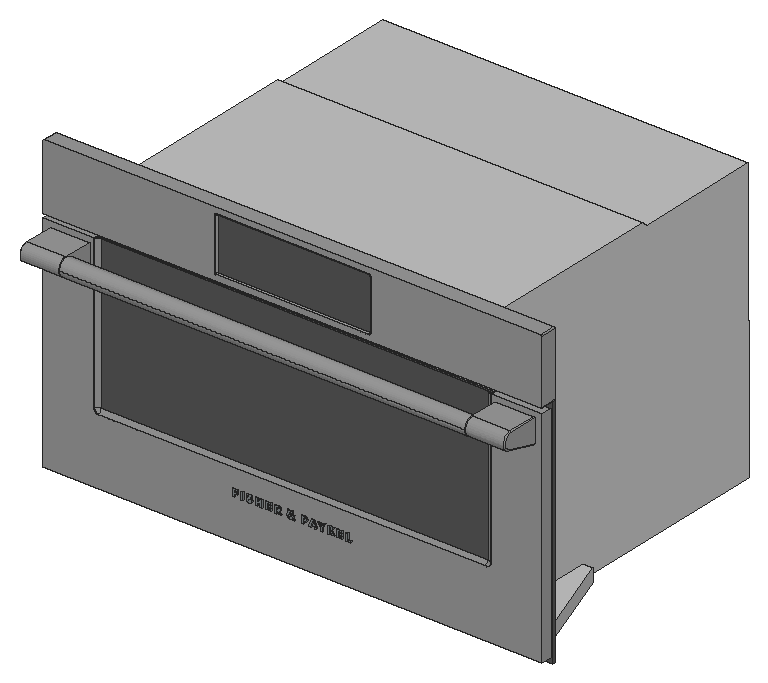
Revit family "FP-Revit20-en-OM30S_OS30S_CompactCombiSpeedOven-CompactCombiSteamOven-0-90005522A-US-CA", category Specialty Equipment, Revit 2020 (continued)
Definition of nested family "30in-76cm Fronts"
  Automatic sketch dimensions
    Extrusion 13 sketch curve to Extrusion 13 sketch curve = 0.522 mm
    Extrusion 13 sketch curve to Extrusion 13 sketch curve = 1.584 mm
    Extrusion 13 sketch curve to Extrusion 13 sketch curve = 3.502 mm
    Extrusion 13 sketch curve to Extrusion 13 sketch curve = 1.772 mm
    Extrusion 13 sketch curve to Extrusion 13 sketch curve = 0.51 mm
    Extrusion 13 sketch curve to Extrusion 13 sketch curve = 0.837 mm
    Extrusion 13 sketch curve to Extrusion 13 sketch curve = 0.737 mm
    Extrusion 13 sketch curve to Extrusion 13 sketch curve = 2.694 mm
    Extrusion 13 sketch curve to Extrusion 13 sketch curve = 1.673 mm
    Extrusion 13 sketch curve to Extrusion 13 sketch curve = 2.223 mm
    Extrusion 13 sketch curve to Extrusion 13 sketch curve = 1.535 mm
    Extrusion 13 sketch curve to Extrusion 13 sketch curve = 1.928 mm
    Extrusion 13 sketch curve to Extrusion 13 sketch curve = 1.987 mm
    Extrusion 13 sketch curve to Extrusion 13 sketch curve = 1.839 mm
    Extrusion 13 sketch curve to Extrusion 13 sketch curve = 1.86 mm
    Extrusion 13 sketch curve to Extrusion 13 sketch curve = 2.429 mm
    Extrusion 13 sketch curve to Extrusion 13 sketch curve = 2.715 mm
    plane 6 "Door - Bottom" to Extrusion 13 sketch curve = 46.09 mm
    plane 6 "Door - Bottom" to Extrusion 13 sketch curve = 46.199 mm
    Extrusion 13 sketch curve to Extrusion 13 sketch curve = 0.109 mm  (x4)
    Extrusion 13 sketch curve to Extrusion 13 sketch curve = 0.449 mm
    Extrusion 13 sketch curve to Extrusion 13 sketch curve = 0.023 mm
    Extrusion 13 sketch curve to Extrusion 13 sketch curve = 0.621 mm
    Extrusion 13 sketch curve to Extrusion 13 sketch curve = 1.112 mm
    Extrusion 13 sketch curve to Extrusion 13 sketch curve = 1.328 mm  (x10)
    Extrusion 13 sketch curve to Extrusion 13 sketch curve = 1.336 mm
    Extrusion 13 sketch curve to Extrusion 13 sketch curve = 1.015 mm
    Extrusion 13 sketch curve to Extrusion 13 sketch curve = 1.012 mm
    Extrusion 13 sketch curve to Extrusion 13 sketch curve = 1.082 mm
    Extrusion 13 sketch curve to Extrusion 13 sketch curve = 0.262 mm  (x2)
    Extrusion 13 sketch curve to Extrusion 13 sketch curve = 1.938 mm
    Extrusion 13 sketch curve to Extrusion 13 sketch curve = 1.496 mm  (x2)
    Extrusion 13 sketch curve to Extrusion 13 sketch curve = 0.637 mm
    Extrusion 13 sketch curve to Extrusion 13 sketch curve = 2.138 mm
    Extrusion 13 sketch curve to Extrusion 13 sketch curve = 0.632 mm
    Extrusion 13 sketch curve to Extrusion 13 sketch curve = 0.424 mm  (x2)
    Extrusion 13 sketch curve to Extrusion 13 sketch curve = 0.14 mm
    Extrusion 13 sketch curve to Extrusion 13 sketch curve = 2.341 mm
    Extrusion 13 sketch curve to Extrusion 13 sketch curve = 1.092 mm  (x2)
    Extrusion 13 sketch curve to Extrusion 13 sketch curve = 2.42 mm
    Extrusion 13 sketch curve to Extrusion 13 sketch curve = 0.079 mm
    Extrusion 13 sketch curve to Extrusion 13 sketch curve = 0.616 mm
    Extrusion 13 sketch curve to Extrusion 13 sketch curve = 1.073 mm
    Extrusion 13 sketch curve to Extrusion 13 sketch curve = 2.705 mm
    Extrusion 13 sketch curve to Extrusion 13 sketch curve = 1.716 mm
    Extrusion 13 sketch curve to Extrusion 13 sketch curve = 0.442 mm
    Extrusion 13 sketch curve to Extrusion 13 sketch curve = 1.259 mm
    Extrusion 13 sketch curve to Extrusion 13 sketch curve = 1.73 mm
    Extrusion 13 sketch curve to Extrusion 13 sketch curve = 0.836 mm
    Extrusion 13 sketch curve to Extrusion 13 sketch curve = 1.352 mm
    Extrusion 13 sketch curve to Extrusion 13 sketch curve = 1.287 mm
    Extrusion 13 sketch curve to Extrusion 13 sketch curve = 0.808 mm
    Extrusion 13 sketch curve to Extrusion 13 sketch curve = 0.022 mm
    Extrusion 13 sketch curve to Extrusion 13 sketch curve = 0.276 mm
    Extrusion 13 sketch curve to Extrusion 13 sketch curve = 0.757 mm
    Extrusion 13 sketch curve to Extrusion 13 sketch curve = 0.034 mm
    Extrusion 13 sketch curve to Extrusion 13 sketch curve = 1.735 mm
    Extrusion 13 sketch curve to Extrusion 13 sketch curve = 0.614 mm
    Extrusion 13 sketch curve to Extrusion 13 sketch curve = 0.6 mm
    Extrusion 13 sketch curve to Extrusion 13 sketch curve = 0.964 mm  (x2)
    Extrusion 13 sketch curve to Extrusion 13 sketch curve = 1.24 mm
    Extrusion 13 sketch curve to Extrusion 13 sketch curve = 0.739 mm
    Extrusion 13 sketch curve to Extrusion 13 sketch curve = 0.744 mm
    Extrusion 13 sketch curve to Extrusion 13 sketch curve = 2.292 mm  (x2)
    Extrusion 13 sketch curve to Extrusion 13 sketch curve = 1.866 mm
    Extrusion 13 sketch curve to Extrusion 13 sketch curve = 2.892 mm
    Extrusion 13 sketch curve to Extrusion 13 sketch curve = 2.498 mm
    Extrusion 13 sketch curve to Extrusion 13 sketch curve = 1.302 mm
    plane 5 "Front" to Extrusion 9 sketch curve = 7.5 mm
    plane 1 "Datum" to Extrusion 12 sketch curve = 2.9 mm
    plane 11 "Width - LHS" to Extrusion 10 sketch curve = 136.8 mm
    Extrusion 10 sketch curve to plane 4 "Product - Height" = 23 mm
    Extrusion 10 sketch curve to plane 3 "Center (Left/Right)" = 77 mm
    plane 3 "Center (Left/Right)" to Extrusion 10 sketch curve = 77 mm
    Extrusion 10 sketch curve to plane 10 "Width - RHS" = 136.8 mm
    plane 6 "Door - Bottom" to Extrusion 10 sketch curve = 84.6 mm
    Extrusion 10 sketch curve to plane 9 "Handle - Height" = 33 mm
    plane 7 "Control Panel - Bottom" to Extrusion 10 sketch curve = 23 mm
    plane 6 "Door - Bottom" to Extrusion 16 sketch curve = 84.6 mm
    Extrusion 16 sketch curve to plane 9 "Handle - Height" = 33 mm
    plane 11 "Width - LHS" to Extrusion 16 sketch curve = 136.8 mm
    Extrusion 16 sketch curve to plane 10 "Width - RHS" = 136.8 mm
    plane 7 "Control Panel - Bottom" to Extrusion 17 sketch curve = 19.9 mm
    Extrusion 17 sketch curve to Extrusion 17 sketch curve = 0.8 mm  (x3)
    Extrusion 17 sketch curve to Extrusion 17 sketch curve = 1.671 mm
    Extrusion 17 sketch curve to Extrusion 17 sketch curve = 1.7 mm
    Extrusion 17 sketch curve to Extrusion 17 sketch curve = 0.002 mm  (x3)
    Extrusion 17 sketch curve to Extrusion 17 sketch curve = 0.055 mm
    Extrusion 17 sketch curve to plane 4 "Product - Height" = 22.381 mm
    Extrusion 17 sketch curve to plane 4 "Product - Height" = 22.374 mm
    Extrusion 17 sketch curve to Extrusion 17 sketch curve = 0.013 mm
    Extrusion 17 sketch curve to Extrusion 17 sketch curve = 1.661 mm
    plane 11 "Width - LHS" to Extrusion 17 sketch curve = 34.5 mm
    Extrusion 17 sketch curve to Extrusion 17 sketch curve = 107.571 mm
    plane 9 "Handle - Height" to Extrusion 15 sketch curve = 53 mm
    Extrusion 15 sketch curve to plane 4 "Product - Height" = 23 mm
    Extrusion 15 sketch curve to plane 3 "Center (Left/Right)" = 77 mm
    plane 3 "Center (Left/Right)" to Extrusion 15 sketch curve = 77 mm
    Extrusion 14 sketch curve to plane 8 "Door - Top" = 0 mm
    Extrusion 14 sketch curve to plane 6 "Door - Bottom" = 0 mm
    Extrusion 14 sketch curve to plane 7 "Control Panel - Bottom" = 0 mm
    Extrusion 14 sketch curve to plane 4 "Product - Height" = 0 mm
    radius of Extrusion 12 sketch curve = 2 mm
  Nested families
    nested 1: "F&P Handle - Professional Round Flush" at (0, -20, 330), visible <- "Visibility - Professional", type "Professional Round Flush Handle"
    nested 2: "F&P Dial - Minimal" at (170.001, -20, 407.7), visible <- "Visibility - Dial", type "Dial Minimal"
    nested 3: "F&P Handle - Contemporary Round Fine" at (0, -20, 328), visible <- "Visibility - Contemporary Handle", type "Contemporary Round Fine Handle"
    nested 4: "F&P Handle - Minimal Square" at (0, -20, 328), visible <- "Visibility - Minimal Handle", type "Minimal Square Handle"
  Definition of nested family "F&P Handle - Professional Round Flush"
    Parameters (values of type "Professional Round Flush Handle")
      URL = "www.fisherpaykel.com"
      Material - Handle = none
      Manufacturer = "Fisher & Paykel Appliances"
      Handle - Length = 737 mm
      Default Elevation = 0 mm
    Reference planes
      plane 1 "Center (Front/Back)": y = 0
      plane 2: z = 0
      plane 3 "Center (Left/Right)": x = 0
      plane 4 "Product LHS": x = -368.5
      plane 5 "Product RHS": x = 368.5
      plane 6 "LHS Standoff": x = -308.5
      plane 7 "RHS Standoff": x = 308.5
      plane 8 "Off-Centre Height": z = -2
    Forms (mm)
      Extrusion 1, solid, material <- "Material - Handle", detail levels fine
        sketch origin (0, 0, 0) x (0, 1, 0) y (0, 0, 1)
          loop
            line (0, 12.8) -> (-45.117, 12.8)
            arc (-45.117, 12.8) -> (-57.807, 1.671) -> (-48.43, -12.364) r 12.8
            line (-48.43, -12.364) -> (0, -25.341) -> (0, 12.8)
        from 308.5 to 368.5
      Extrusion 2, solid, material <- "Material - Handle"
        sketch origin (0, 0, 0) x (0, 1, 0) y (0, 0, 1)
          loop
            circle (-45.117, 0) r 12.8
        from -308.5 to 308.5
      Sweep 3, void
        path origin (368.5, 0, 0) x (0, -1, 0) y (0, 0, 1)
          loop
            line (-1, 12.8) -> (45.117, 12.8)
            arc (45.117, 12.8) -> (57.807, 1.671) -> (48.43, -12.364) r 12.8
            line (48.43, -12.364) -> (-1, -25.609)
        profile origin (368.5, -22.058, 12.8) x (0, 0, 1) y (-1, 0, 0)
          loop
            line (1, -1) -> (1, 2.6) -> (-2.6, -1) -> (1, -1)
      Extrusion 4, solid, material <- "Material - Handle", detail levels fine
        sketch origin (0, 0, 0) x (0, 1, 0) y (0, 0, -1)
          loop
            line (0, -12.8) -> (0, 25.341) -> (-48.43, 12.364)
            arc (-48.43, 12.364) -> (-57.807, -1.671) -> (-45.117, -12.8) r 12.8
            line (-45.117, -12.8) -> (0, -12.8)
        from 308.5 to 368.5
      Extrusion 5, solid, material <- "Material - Handle", detail levels coarse+medium
        sketch origin (0, 0, 0) x (0, 1, 0) y (0, 0, 1)
          loop
            line (0, 12.8) -> (-45.117, 12.8)
            arc (-45.117, 12.8) -> (-57.807, 1.671) -> (-48.43, -12.364) r 12.8
            line (-48.43, -12.364) -> (0, -25.341) -> (0, 12.8)
        from 308.5 to 368.5
      Extrusion 6, solid, material <- "Material - Handle", detail levels coarse+medium
        sketch origin (0, 0, 0) x (0, 1, 0) y (0, 0, -1)
          loop
            line (0, -12.8) -> (0, 25.341) -> (-48.43, 12.364)
            arc (-48.43, 12.364) -> (-57.807, -1.671) -> (-45.117, -12.8) r 12.8
            line (-45.117, -12.8) -> (0, -12.8)
        from 308.5 to 368.5
      Sweep 7, void
        path in 3D
          loop
            line (-368.5, 2.632, -26.046) -> (-368.5, -48.43, -12.364)
            arc (-368.5, -48.43, -12.364) -> (-368.5, -57.807, 1.671) -> (-368.5, -45.117, 12.8) r 12.8
            line (-368.5, -45.117, 12.8) -> (-368.5, 2.187, 12.8)
        profile origin (-368.5, -21.465, 12.8) x (-1, 0, 0) y (0, 0, 1)
          loop
            line (1, 1) -> (-2.6, 1) -> (1, -2.6) -> (1, 1)
    Cuts and joins
      Sweep 3 cuts Extrusion 1
      Sweep 7 cuts Extrusion 4
      Sweep 7 cuts Extrusion 6
    Lines and regions (mm)
      sketch lines
        curve 1: line (-368.5, -45.117, 12.8) -> (-368.5, 2.187, 12.8)
        curve 2: arc (-368.5, -45.117, 12.8) -> (-368.5, -57.807, 1.671) -> (-368.5, -48.43, -12.364) r 12.8
        curve 3: line (-368.5, 2.632, -26.046) -> (-368.5, -48.43, -12.364)
    Dimensions and locks
      equal spacing: plane 4 "Product LHS", plane 3 "Center (Left/Right)", plane 5 "Product RHS"
      "Handle - Length": plane 4 "Product LHS" to plane 5 "Product RHS"
      plane 7 "RHS Standoff" to plane 5 "Product RHS" = 60 mm
      plane 4 "Product LHS" to plane 6 "LHS Standoff" = 60 mm
      locked: level to plane 8 "Off-Centre Height" at 2
      aligned and locked: level to plane 2
      aligned and locked: Extrusion 1 to plane 5 "Product RHS"
      aligned and locked: Extrusion 1 to plane 7 "RHS Standoff"
      aligned and locked: plane 6 "LHS Standoff" to Extrusion 4
      aligned and locked: plane 4 "Product LHS" to Extrusion 4
      aligned and locked: plane 7 "RHS Standoff" to Extrusion 2
      aligned and locked: Extrusion 2 to plane 6 "LHS Standoff"
      aligned and locked: plane 6 "LHS Standoff" to Extrusion 6
      aligned and locked: plane 4 "Product LHS" to Extrusion 6
      aligned and locked: Extrusion 5 to plane 7 "RHS Standoff"
      aligned and locked: Extrusion 5 to plane 5 "Product RHS"
    Automatic sketch dimensions
      Extrusion 1 sketch curve to level = 0 mm
      Extrusion 1 sketch curve to plane 1 "Center (Front/Back)" = 0 mm
      plane 1 "Center (Front/Back)" to Extrusion 1 sketch curve = 45.117 mm
      Extrusion 1 sketch curve to level = 12.364 mm
      Extrusion 1 sketch curve to Extrusion 1 sketch curve = 3.313 mm
      Extrusion 1 sketch curve to level = 25.341 mm
      Sweep 3 sketch curve to level = 0 mm
      plane 1 "Center (Front/Back)" to Sweep 3 sketch curve = 45.117 mm
      Sweep 3 sketch curve to level = 12.364 mm
      Sweep 3 sketch curve to Sweep 3 sketch curve = 3.313 mm
      Sweep 3 sketch curve to plane 1 "Center (Front/Back)" = 1 mm  (x2)
      Sweep 3 sketch curve to level = 25.609 mm
      Sweep 3 sketch curve to plane 5 "Product RHS" = 1 mm
      profile plane to Sweep 3 sketch curve = 2.6 mm
      Sweep 3 sketch curve to profile plane = 1 mm
      plane 5 "Product RHS" to Sweep 3 sketch curve = 2.6 mm
      Extrusion 4 sketch curve to level = 0 mm
      Extrusion 4 sketch curve to plane 1 "Center (Front/Back)" = 0 mm
      plane 1 "Center (Front/Back)" to Extrusion 4 sketch curve = 45.117 mm
      Extrusion 4 sketch curve to level = 12.364 mm
      Extrusion 4 sketch curve to Extrusion 4 sketch curve = 3.313 mm
      Extrusion 4 sketch curve to level = 25.341 mm
      Extrusion 5 sketch curve to level = 0 mm
      Extrusion 5 sketch curve to level = 12.364 mm
      plane 1 "Center (Front/Back)" to Extrusion 5 sketch curve = 48.43 mm
      level to Extrusion 5 sketch curve = 12.8 mm
      Extrusion 5 sketch curve to Extrusion 5 sketch curve = 45.117 mm
      Extrusion 5 sketch curve to level = 25.341 mm
      Extrusion 6 sketch curve to level = 0 mm
      Extrusion 6 sketch curve to level = 12.364 mm
      plane 1 "Center (Front/Back)" to Extrusion 6 sketch curve = 48.43 mm
      level to Extrusion 6 sketch curve = 12.8 mm
      Extrusion 6 sketch curve to Extrusion 6 sketch curve = 45.117 mm
      Extrusion 6 sketch curve to level = 25.341 mm
      Extrusion 2 sketch curve to level = 0 mm
      plane 1 "Center (Front/Back)" to Extrusion 2 sketch curve = 45.117 mm
      Sweep 7 sketch curve to profile plane = 1 mm
      profile plane to Sweep 7 sketch curve = 1 mm
      profile plane to Sweep 7 sketch curve = 2.6 mm
      Sweep 7 sketch curve to profile plane = 2.6 mm
      radius of Extrusion 2 sketch curve = 12.8 mm
  Definition of nested family "F&P Dial - Minimal"
    Parameters (values of type "Dial Minimal")
      URL = "www.fisherpaykel.com"
      Material - Buttons and Dials = none
      Manufacturer = "Fisher & Paykel Appliances"
      Default Elevation = 0 mm
    Reference planes
      plane 1 "Center (Front/Back)": y = 0
      plane 2: z = 0
      plane 3 "Center (Left/Right)": x = 0
    Forms (mm)
      Revolve 1, solid, material <- "Material - Buttons and Dials", detail levels fine
        sketch origin (0, 0, 0) x (0, 1, 0) y (0, 0, 1)
          loop
            line (-2.8, 22) -> (-14.95, 22) -> (-14.95, 20.72) -> (-14.623, 20) -> (-10.6, 20) -> (-10.6, 0) -> (0, 0) -> (0, 22) -> (-0.8, 22) -> (-0.8, 18.5) -> (-2.8, 18.5) -> (-2.8, 22)
          axis (0, 0) -> (-14.95, 0)
        angle from 0 to 360
      Extrusion 2, solid, material <- "Material - Buttons and Dials", detail levels fine
        sketch origin (0, 0, 0) x (1, 0, 0) y (0, 0, 1)
          loop
            circle (0, 0) r 19.4
        from 10.6 to 14.623
      Extrusion 3, solid, material <- "Material - Buttons and Dials", detail levels coarse+medium
        sketch origin (0, 0, 0) x (1, 0, 0) y (0, 0, 1)
          loop
            circle (0, 0) r 22
        from 0 to 14.95
    Dimensions and locks
      aligned and locked: level to plane 2
      aligned and locked: Revolve 1 to Extrusion 2
  Definition of nested family "F&P Handle - Contemporary Round Fine"
    Parameters (values of type "Contemporary Round Fine")
      URL = "www.fisherpaykel.com"
      Material - Handle = none
      Manufacturer = "Fisher & Paykel Appliances"
      Handle Standoff - Length = 80 mm
      Handle - Length = 685 mm
      Default Elevation = 0 mm
    Reference planes
      plane 1 "Center (Front/Back)": y = 0
      plane 2: z = 0
      plane 3 "Center (Left/Right)": x = 0
      plane 4 "Product LHS": x = -342.5
      plane 5 "Product RHS": x = 342.5
      plane 6 "LHS Standoff": x = -262.5
      plane 7 "RHS Standoff": x = 262.5
      plane 8 "CL": y = -36.55
      plane 9 "Handle": y = -44.043
    Forms (mm)
      Extrusion 1, solid, material <- "Material - Handle", detail levels fine
        sketch origin (0, -1, 0) x (0, 1, 0) y (0, 0, 1)
          loop
            line (0, 7.493) -> (-35.55, 7.493)
            arc (-35.55, 7.493) -> (-28.054, -0.003) -> (-35.55, -7.5) r 7.497
            line (-35.55, -7.5) -> (0, -7.5) -> (0, 7.493)
        from 262.5 to 342.5
      Extrusion 2, solid, material <- "Material - Handle", detail levels fine
        sketch origin (0, 0, 0) x (0, 1, 0) y (0, 0, 1)
          loop
            line (-1, 7.493) -> (-1, -7.5) -> (0, -7.5) -> (0, 7.493) -> (-1, 7.493)
        from 262.5 to 342.5
      Sweep 3, void
        path origin (0, 0, 0) x (0, 1, 0) y (0, 0, 1)
          loop
            line (0, 7.493) -> (-36.55, 7.493)
            arc (-36.55, 7.493) -> (-44.047, -0.003) -> (-36.55, -7.5) r 7.497
            line (-36.55, -7.5) -> (0, -7.5)
        profile origin (0, -18.275, 7.493) x (0, 0, -1) y (1, 0, 0)
          loop
            line (0, 342.5) -> (0, 341.507) -> (0.993, 342.5) -> (0, 342.5)
          loop
            line (0, -342.5) -> (0.993, -342.5) -> (0, -341.507) -> (0, -342.5)
      Extrusion 4, solid, material <- "Material - Handle", detail levels fine
        sketch origin (0, 0, 0) x (0, 1, 0) y (0, 0, -1)
          loop
            line (-1, -7.493) -> (0, -7.493) -> (0, 7.5) -> (-1, 7.5) -> (-1, -7.493)
        from 262.5 to 342.5
      Extrusion 5, solid, material <- "Material - Handle", detail levels coarse+medium
        sketch origin (-342.5, 0, 0) x (0, -1, 0) y (0, 0, -1)
          loop
            line (0, -7.493) -> (36.55, -7.493)
            arc (36.55, -7.493) -> (44.047, 0.003) -> (36.55, 7.5) r 7.497
            line (36.55, 7.5) -> (0, 7.5) -> (0, -7.493)
        from 0 to 80
      Extrusion 6, solid, material <- "Material - Handle", detail levels fine
        sketch origin (342.5, 0, 0) x (0, -1, 0) y (0, 0, 1)
          loop
            circle (36.55, -0.003) r 7.497
        from 0 to 685
      Extrusion 7, solid, material <- "Material - Handle", detail levels fine
        sketch origin (0, -1, 0) x (0, 1, 0) y (0, 0, 1)
          loop
            line (0, 7.493) -> (-35.55, 7.493)
            arc (-35.55, 7.493) -> (-28.054, -0.003) -> (-35.55, -7.5) r 7.497
            line (-35.55, -7.5) -> (0, -7.5) -> (0, 7.493)
        from -342.5 to -262.5
      Extrusion 8, solid, material <- "Material - Handle", detail levels coarse+medium
        sketch origin (-342.5, 0, 0) x (0, -1, 0) y (0, 0, -1)
          loop
            line (0, -7.493) -> (36.55, -7.493)
            arc (36.55, -7.493) -> (44.047, 0.003) -> (36.55, 7.5) r 7.497
            line (36.55, 7.5) -> (0, 7.5) -> (0, -7.493)
        from 605 to 685
      Extrusion 9, solid, material <- "Material - Handle", detail levels coarse+medium
        sketch origin (0, 0, 0) x (0, 1, 0) y (0, 0, 1)
          loop
            circle (-36.55, 0) r 7.5
        from -262.5 to 262.5
    Cuts and joins
      Sweep 3 cuts Extrusion 2
      Sweep 3 cuts Extrusion 6
      Sweep 3 cuts Extrusion 1
      Sweep 3 cuts Extrusion 7
      Sweep 3 cuts Extrusion 4
    Dimensions and locks
      equal spacing: plane 4 "Product LHS", plane 3 "Center (Left/Right)", plane 5 "Product RHS"
      "Handle - Length": plane 4 "Product LHS" to plane 5 "Product RHS"
      "Handle Standoff - Length": plane 4 "Product LHS" to plane 6 "LHS Standoff"
      "Handle Standoff - Length": plane 7 "RHS Standoff" to plane 5 "Product RHS"
      plane 9 "Handle" to plane 1 "Center (Front/Back)" = 44.043 mm
      aligned and locked: level to plane 2
      aligned and locked: plane 1 "Center (Front/Back)" to Extrusion 2 sketch curve
      aligned and locked: Extrusion 2 to plane 5 "Product RHS"
      aligned and locked: Extrusion 2 to plane 7 "RHS Standoff"
      aligned and locked: Sweep 3 sketch curve to Extrusion 1  (x2)
      aligned and locked: Extrusion 1 to Sweep 3 sketch curve
      aligned and locked: plane 4 "Product LHS" to Sweep 3 sketch curve
      aligned and locked: plane 6 "LHS Standoff" to Extrusion 4
      aligned and locked: plane 4 "Product LHS" to Extrusion 4
      aligned and locked: plane 6 "LHS Standoff" to Extrusion 5
      aligned and locked: plane 4 "Product LHS" to Extrusion 5
      aligned and locked: plane 4 "Product LHS" to Extrusion 6
      aligned and locked: Extrusion 6 to plane 5 "Product RHS"
      aligned and locked: plane 4 "Product LHS" to Extrusion 7
      aligned and locked: plane 6 "LHS Standoff" to Extrusion 7
      aligned and locked: Extrusion 1 to plane 5 "Product RHS"
      aligned and locked: cut or joined group of Extrusion 1, Sweep 3 to plane 7 "RHS Standoff"
      aligned and locked: Extrusion 8 to plane 5 "Product RHS"
      aligned and locked: Extrusion 8 to plane 7 "RHS Standoff"
      aligned and locked: Extrusion 9 to plane 6 "LHS Standoff"
      aligned and locked: plane 7 "RHS Standoff" to Extrusion 9
      aligned and locked: plane 5 "Product RHS" to Sweep 3 sketch curve
    Automatic sketch dimensions
      Extrusion 1 sketch curve to plane 8 "CL" = 0 mm
      plane 1 "Center (Front/Back)" to Extrusion 1 sketch curve = 1 mm
      Extrusion 1 sketch curve to level = 7.5 mm
      Extrusion 1 sketch curve to level = 0.003 mm
      plane 1 "Center (Front/Back)" to Extrusion 2 sketch curve = 1 mm
      Extrusion 2 sketch curve to level = 7.5 mm
      level to Extrusion 2 sketch curve = 7.493 mm
      Sweep 3 sketch curve to plane 8 "CL" = 0 mm
      Sweep 3 sketch curve to plane 1 "Center (Front/Back)" = 0 mm  (x2)
      Sweep 3 sketch curve to level = 0.003 mm
      Extrusion 4 sketch curve to plane 1 "Center (Front/Back)" = 0 mm
      plane 1 "Center (Front/Back)" to Extrusion 4 sketch curve = 1 mm
      level to Extrusion 4 sketch curve = 7.493 mm
      Extrusion 4 sketch curve to level = 7.5 mm
      Extrusion 5 sketch curve to plane 1 "Center (Front/Back)" = 0 mm
      Extrusion 5 sketch curve to plane 8 "CL" = 0 mm
      level to Extrusion 5 sketch curve = 7.493 mm
      Extrusion 5 sketch curve to level = 0.003 mm
      Extrusion 6 sketch curve to plane 8 "CL" = 0 mm
      Extrusion 6 sketch curve to level = 0.003 mm
      Extrusion 7 sketch curve to plane 8 "CL" = 0 mm
      plane 1 "Center (Front/Back)" to Extrusion 7 sketch curve = 1 mm
      Extrusion 7 sketch curve to level = 7.5 mm
      Extrusion 7 sketch curve to level = 0.003 mm
      Extrusion 8 sketch curve to plane 1 "Center (Front/Back)" = 0 mm
      Extrusion 8 sketch curve to plane 8 "CL" = 0 mm
      level to Extrusion 8 sketch curve = 7.493 mm
      Extrusion 8 sketch curve to level = 0.003 mm
      Extrusion 9 sketch curve to level = 0 mm
      Extrusion 9 sketch curve to plane 8 "CL" = 0 mm
      Sweep 3 sketch curve to profile plane = 0.993 mm  (x2)
      Sweep 3 sketch curve to Sweep 3 sketch curve = 0.993 mm  (x2)
      radius of Extrusion 6 sketch curve = 7.497 mm
      radius of Extrusion 9 sketch curve = 7.5 mm
  Definition of nested family "F&P Handle - Minimal Square"
    Parameters (values of type "Minimal Square Handle")
      URL = "www.fisherpaykel.com"
      Material - Handle = none
      Manufacturer = "Fisher & Paykel Appliances"
      Handle Standoff - Length = 80 mm
      Handle - Length = 690 mm
      Default Elevation = 1219.2 mm
    Reference planes
      plane 1 "Center (Front/Back)": y = 0
      plane 2: z = 0
      plane 3 "Center (Left/Right)": x = 0
      plane 4 "Product LHS": x = -345
      plane 5 "Product RHS": x = 345
      plane 6 "LHS Standoff": x = -265
      plane 7 "RHS Standoff": x = 265
      plane 8 "Handle inner": y = -26
      plane 9 "Handle": y = -42
      plane 10 "Spacer": y = -1
      plane 11: z = 6
      plane 12: z = -6
    Forms (mm)
      Extrusion 1, solid, material <- "Material - Handle", detail levels fine
        sketch origin (0, 0, 0) x (0, 1, 0) y (0, 0, 1)
          loop
            line (-1, 6) -> (-1, -6) -> (0, -6) -> (0, 6) -> (-1, 6)
        from 265 to 345
      Extrusion 2, solid, material <- "Material - Handle", detail levels fine
        sketch origin (0, 0, 0) x (0, 1, 0) y (0, 0, -1)
          loop
            line (-1, -6) -> (0, -6) -> (0, 6) -> (-1, 6) -> (-1, -6)
        from 265 to 345
      Extrusion 3, solid, material <- "Material - Handle", detail levels fine
        sketch origin (0, 0, 0) x (1, 0, 0) y (0, 1, 0)
          loop
            line (345, -1) -> (-345, -1) -> (-345, -40)
            arc (-345, -40) -> (-344.414, -41.414) -> (-343, -42) r 2
            line (-343, -42) -> (343, -42)
            arc (343, -42) -> (344.414, -41.414) -> (345, -40) r 2
            line (345, -40) -> (345, -1)
        from -6 to 6
      Extrusion 4, void
        sketch origin (0, 0, 0) x (0, 1, 0) y (0, 0, 1)
          loop
            line (-26, -0.18) -> (-36.5, -6) -> (-1, -6) -> (-1, 6) -> (-28, 6) -> (-26, 4) -> (-26, -0.18)
        from -265 to 265
      Sweep 5, void
        path in 3D
          loop
            line (-345, 0, 6) -> (-345, -1, 6) -> (-345, -40, 6)
            arc (-345, -40, 6) -> (-344.414, -41.414, 6) -> (-343, -42, 6) r 2
            line (-343, -42, 6) -> (343, -42, 6)
            arc (343, -42, 6) -> (344.414, -41.414, 6) -> (345, -40, 6) r 2
            line (345, -40, 6) -> (345, -1, 6) -> (345, 0, 6)
        profile origin (345, -20.5, 6) x (-1, 0, 0) y (0, 0, 1)
          loop
            line (0, 0) -> (0, -1) -> (1, 0) -> (0, 0)
          loop
            line (0, -12) -> (1, -12) -> (0, -11) -> (0, -12)
      Extrusion 6, solid, material <- "Material - Handle", detail levels coarse+medium
        sketch origin (0, 0, 0) x (1, 0, 0) y (0, 1, 0)
          loop
            line (-345, 0) -> (-345, -42) -> (345, -42) -> (345, 0) -> (265, 0) -> (265, -26) -> (-265, -26) -> (-265, 0) -> (-345, 0)
        from -6 to 6
    Cuts and joins
      Extrusion 4, Sweep 5 cuts Extrusion 3
      Sweep 5 cuts Extrusion 1
      Sweep 5 cuts Extrusion 2
    Lines and regions (mm)
      sketch lines
        curve 1: line (345, -40, 6) -> (345, -1, 6)
        curve 2: arc (345, -40, 6) -> (344.414, -41.414, 6) -> (343, -42, 6) r 2
        curve 3: line (-343, -42, 6) -> (343, -42, 6)
        curve 4: line (345, 0, 6) -> (345, -1, 6)
        curve 5: arc (-343, -42, 6) -> (-344.414, -41.414, 6) -> (-345, -40, 6) r 2
        curve 6: line (-345, -1, 6) -> (-345, -40, 6)
        curve 7: line (-345, -1, 6) -> (-345, 0, 6)
    Dimensions and locks
      equal spacing: plane 4 "Product LHS", plane 3 "Center (Left/Right)", plane 5 "Product RHS"
      "Handle - Length": plane 4 "Product LHS" to plane 5 "Product RHS"
      "Handle Standoff - Length": plane 4 "Product LHS" to plane 6 "LHS Standoff"
      "Handle Standoff - Length": plane 7 "RHS Standoff" to plane 5 "Product RHS"
      aligned and locked: level to plane 2
      aligned and locked: plane 1 "Center (Front/Back)" to Extrusion 1 sketch curve
      aligned and locked: Extrusion 1 to plane 5 "Product RHS"
      aligned and locked: Extrusion 1 to plane 7 "RHS Standoff"
      aligned and locked: plane 6 "LHS Standoff" to Extrusion 2
      aligned and locked: plane 4 "Product LHS" to Extrusion 2
      aligned and locked: plane 9 "Handle" to Extrusion 3 sketch curve
      aligned and locked: Extrusion 3 sketch curve to plane 4 "Product LHS"
      aligned and locked: plane 5 "Product RHS" to Extrusion 3 sketch curve
      aligned and locked: Extrusion 3 to plane 11
      aligned and locked: plane 12 to Extrusion 3
      aligned and locked: Extrusion 1 to plane 11
      aligned and locked: Extrusion 2 to plane 11
      aligned and locked: plane 12 to Extrusion 1
      aligned and locked: plane 12 to Extrusion 2
      aligned and locked: plane 12 to Extrusion 4 sketch curve
      aligned and locked: Extrusion 4 to plane 6 "LHS Standoff"
      aligned and locked: plane 7 "RHS Standoff" to Extrusion 4
      aligned and locked: Sweep 5 sketch curve to plane 12
      aligned and locked: profile plane to Sweep 5 sketch curve  (x2)
      aligned and locked: Sweep 5 sketch curve to profile plane
      aligned and locked: plane 8 "Handle inner" to Extrusion 6 sketch curve
      aligned and locked: plane 6 "LHS Standoff" to Extrusion 6 sketch curve
      aligned and locked: Extrusion 6 sketch curve to plane 1 "Center (Front/Back)"  (x2)
      aligned and locked: plane 4 "Product LHS" to Extrusion 6 sketch curve
      aligned and locked: Extrusion 6 sketch curve to plane 9 "Handle"
      aligned and locked: Extrusion 6 sketch curve to plane 5 "Product RHS"
      aligned and locked: Extrusion 6 sketch curve to plane 7 "RHS Standoff"
      aligned and locked: plane 12 to Extrusion 6
      aligned and locked: Extrusion 6 to plane 11
    Automatic sketch dimensions
      plane 1 "Center (Front/Back)" to Extrusion 1 sketch curve = 1 mm
      Extrusion 1 sketch curve to level = 6 mm
      level to Extrusion 1 sketch curve = 6 mm
      Extrusion 2 sketch curve to plane 1 "Center (Front/Back)" = 0 mm
      plane 1 "Center (Front/Back)" to Extrusion 2 sketch curve = 1 mm
      level to Extrusion 2 sketch curve = 6 mm
      Extrusion 2 sketch curve to level = 6 mm
      Extrusion 3 sketch curve to plane 4 "Product LHS" = 2 mm
      Extrusion 3 sketch curve to Extrusion 3 sketch curve = 2 mm
      Extrusion 3 sketch curve to plane 10 "Spacer" = 0 mm
      plane 11 to Extrusion 4 sketch curve = 0 mm
      Extrusion 4 sketch curve to plane 8 "Handle inner" = 0 mm
      Extrusion 4 sketch curve to plane 10 "Spacer" = 0 mm
      Extrusion 4 sketch curve to plane 8 "Handle inner" = 2 mm
      plane 9 "Handle" to Extrusion 4 sketch curve = 5.5 mm
      Extrusion 4 sketch curve to level = 0.18 mm
      plane 11 to Extrusion 4 sketch curve = 2 mm
      Sweep 5 sketch curve to profile plane = 1 mm  (x2)
      Sweep 5 sketch curve to Sweep 5 sketch curve = 1 mm  (x2)
Types (15, lengths in mm): name | Visibility - Steam | Visibility - Microwave | Type Comments | Style | Product - Depth | Power Supply - Offset | Opening - Depth | Model | Display - Width | Display - Height | Display - Offset | Description | Control Panel - Depth
  OM30NPUX3 | no | yes | "Compact, Professional, Stainless" | 30in-76cm Fronts : 30in Front Professional | 569 | 498 | 24 | "OM30NPUX3" | 154 | 54 | 23 | "30\" Convection Speed Oven" | 24
  OM30NCUDX3 | no | yes | "Compact, Contemporary, Stainless" | 30in-76cm Fronts : 30in Front Contemporary w Dial (Stainless) | 565 | 175 | 20 | "OM30NCUDX3" | 154 | 54 | 23 | "30\" Convection Speed Oven" | 20
  OM30NMUG3 | no | yes | "Compact, Minimal, Grey" | 30in-76cm Fronts : 30in Front Minimal (Grey) | 565 | 175 | 20 | "OM30NMUG3\r\nOM30NMUB3" | 154 | 54 | 23 | "30\" Convection Speed Oven" | 20
  OM30NMUNB3 | no | yes | "Compact, Minimal, Black, Handleless" | 30in-76cm Fronts : 30in Front Minimal (Black) No Handle | 565 | 175 | 20 | "OM30NMUNB3" | 154 | 54 | 23 | "30\" Convection Speed Oven" | 20
  OM30NMUNG3 | no | yes | "Compact, Minimal, Grey, Handleless" | 30in-76cm Fronts : 30in Front Minimal (Grey) No Handle | 565 | 175 | 20 | "OM30NMUNG3" | 154 | 54 | 23 | "30\" Convection Speed Oven" | 20
  OM30NMUB3 | no | yes | "Compact, Minimal, Black" | 30in-76cm Fronts : 30in Front Minimal (Black) | 565 | 175 | 20 | "OM30NMUB3" | 154 | 54 | 23 | "30\" Convection Speed Oven" | 20
  OS30NPUX3 | yes | no | "Compact, Professional, Stainless" | 30in-76cm Fronts : 30in Front Professional | 569 | 498 | 24 | "OS30NPUX3" | 154 | 54 | 23 | "30\" Combination Steam Oven" | 24
  OS30NMUB3 | yes | no | "Compact, Minimal, Black" | 30in-76cm Fronts : 30in Front Minimal (Black) | 565 | 498 | 20 | "OS30NMUB3" | 154 | 54 | 23 | "30\" Combination Steam Oven" | 20
  OS30NMUG3 | yes | no | "Compact, Minimal, Grey" | 30in-76cm Fronts : 30in Front Minimal (Grey) | 565 | 498 | 20 | "OS30NMUG3" | 154 | 54 | 23 | "30\" Combination Steam Oven" | 20
  OS30NMUNB3 | yes | no | "Compact, Minimal, Black, Handleless" | 30in-76cm Fronts : 30in Front Minimal (Black) No Handle | 565 | 498 | 20 | "OS30NMUNB3" | 154 | 54 | 23 | "30\" Combination Steam Oven" | 20
  OS30NMUNG3 | yes | no | "Compact, Minimal, Grey, Handleless" | 30in-76cm Fronts : 30in Front Minimal (Grey) No Handle | 565 | 498 | 20 | "OS30NMUNG3" | 154 | 54 | 23 | "30\" Combination Steam Oven" | 20
  OS30NCUDX3 | yes | no | "Compact, Contemporary, Stainless" | 30in-76cm Fronts : 30in Front Contemporary w Dial (Stainless) | 565 | 498 | 20 | "OS30NCUDX3" | 154 | 54 | 23 | "30\" Combination Steam Oven" | 20
  OM30NCTDX3 | no | yes | "Compact, Contemporary, Stainless, S7" | 30in-76cm Fronts : 30in Front Contemporary w Dial (Stainless) | 565 | 175 | 20 | "OM30NCTDX3" | 110 | 62 | 19 | "30\" Convection Speed Oven" | 20
  OM30NCTDB3 | no | yes | "Compact, Contemporary, Stainless, S7" | 30in-76cm Fronts : 30in Front Contemporary w Dial (Black) | 565 | 175 | 20 | "OM30NCTDB3" | 110 | 62 | 19 | "30\" Convection Speed Oven" | 20
  OM30NPTX3 | no | yes | "Compact, Professional, Stainless, S7" | 30in-76cm Fronts : 30in Front Professional | 569 | 175 | 24 | "OM30NPTX3\r\nOM30NPTX3" | 154 | 54 | 23 | "30\" Convection Speed Oven" | 24
